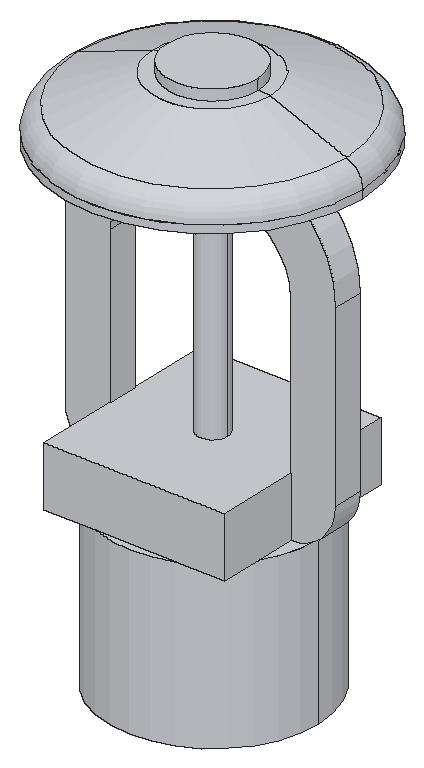
Revit family
Parameters (values of type "RASCO F1FR56-300 UPRIGHT")
  URL = ""
  Temperature Rating = 286 °F
  Response = 1
  RASCO SIN # = "RA2625"
  RASCO Part # = "F1FR56U3B3"
  Pressure Rating = "300 PSI"
  Pressure Class = 1
  Orifice Size = 1/2"
  Orifice = (empty or 0)
  Model = "F1FR56-300"
  Manufacturer = "RASCO"
  K-Factor = 5.6
  Description = "Brz. Finish"
  Coverage = (empty or 0)
Reference planes (in)
  plane 1 "Center (Front/Back)": y = 0
  plane 2: z = 0
  plane 3 "Center (Left/Right)": x = 0
Nested families (in)
  nested 1: "F1FR56U3B3" at (0.04915, 0.01786, 0), type "RASCO F1FR56-300 UPRIGHT"
Connectors (in)
  piping at (0.04915, 0.01786, 0)
    settings: on nested 1, index 1, connector radius 115/256", flow factor 0, pipe flow 0 GPM, pressure drop 0.00 psi, fitting loss kfactor 0, connector angle 0.00°, fixture units 0, flow configuration 0, flow direction 0, fitting loss method 0, system type 7, connector reference index -1, connector utility 0, adjustable connector no, is connector primary yes, fitting loss table "", connector description ""
Definition of nested family "F1FR56U3B3"
  Parameters (values of type "RASCO F1FR56-300 UPRIGHT")
    Type Comments = ""
    Temperature Rating = 0 °F
    Response = (empty or 0)
    Pressure Rating = "0"
    Pressure Class = (empty or 0)
    Orifice Size = 0"
    Orifice = (empty or 0)
    Model = ""
    Manufacturer = ""
    K-Factor = 0
    Description = ""
    Coverage = (empty or 0)
    Assembly Code = ""
  Reference planes (in)
    plane 1 "Center (Front/Back)": y = 0
    plane 2: z = 0
    plane 3 "ref.2": z = 0.6875
    plane 4 "ref.3": z = 0.9375
    plane 5: x = -0.38065
    plane 6: x = 0.36935
    plane 7 "ref. side 1": y = 0.06402
    plane 8 "ref. side 2": y = -0.06098
    plane 9 "ref.4": z = 1.875
    plane 10 "ref.5": z = 2.3125
    plane 11 "ref.6": z = 2.4375
  Forms (in)
    Extrusion 1, solid
      sketch origin (0, 0, 0) x (1, 0, 0) y (0, 1, 0)
        loop
          circle (0, 0) r 0.4375
      from 0 to 0.6875
    Extrusion 2, solid
      sketch origin (-0.12185, 0.05177, 0.6875) x (1, 0, 0) y (0, 1, 0)
        loop
          line (-0.2588, 0.356) -> (-0.2588, -0.4565) -> (0.4912, -0.4565) -> (0.4912, 0.356) -> (-0.2588, 0.356)
      from 0 to 0.25
    Extrusion 3, solid
      sketch origin (0, 0, 0) x (1, 0, 0) y (0, 0, 1)
        loop
          line (-0.38065, 0.68754) -> (-0.38065, 1.58397)
          arc (-0.38065, 1.58397) -> (-0.29541, 1.78976) -> (-0.08962, 1.875) r 0.29103
          line (-0.08962, 1.875) -> (0.07524, 1.875)
          arc (0.07524, 1.875) -> (0.28321, 1.78886) -> (0.36935, 1.58089) r 0.29411
          line (0.36935, 1.58089) -> (0.36935, 0.68751)
          arc (0.36935, 0.68751) -> (0.50207, 0.74393) -> (0.55685, 0.87734) r 0.18984
          line (0.55685, 0.87734) -> (0.55685, 1.61676)
          arc (0.55685, 1.61676) -> (0.42629, 1.93194) -> (0.11111, 2.0625) r 0.44574
          line (0.11111, 2.0625) -> (-0.12259, 2.0625)
          arc (-0.12259, 2.0625) -> (-0.43765, 1.932) -> (-0.56815, 1.61694) r 0.44556
          line (-0.56815, 1.61694) -> (-0.56815, 0.87876)
          arc (-0.56815, 0.87876) -> (-0.51345, 0.74486) -> (-0.38065, 0.68754) r 0.19126
      from -0.06402 to 0.06098
    Extrusion 4, solid
      sketch origin (0, 0, 0.9375) x (-1, 0, 0) y (0, -1, 0)
        loop
          circle (0.00574, -0.00152) r 0.0625
      from 0 to 0.9375
    Extrusion 5, solid
      sketch origin (0, 0, 1.875) x (-1, 0, 0) y (0, -1, 0)
        loop
          circle (0.00574, -0.00152) r 0.1875
      from 0 to 0.4375
    Revolve 6, solid
      sketch origin (0, 0, -0.31276) x (1, 0, 0) y (0, 0, 1)
        loop
          line (-0.19324, 2.33367) -> (-0.19324, 2.58367) -> (-0.24995, 2.58367) -> (-0.56395, 2.46314)
          arc (-0.56395, 2.46314) -> (-0.61243, 2.42492) -> (-0.63074, 2.36595) r 0.1041
          line (-0.63074, 2.36595) -> (-0.63074, 2.33367) -> (-0.19324, 2.33367)
        axis (-0.00574, 2.33367) -> (-0.00574, 2.58367)
      angle from 0 to 360
  Cuts and joins
    joined: Extrusion 1, Extrusion 2, Extrusion 4, Revolve 6
  Lines and regions (in)
    model lines
      curve 1: line (-0.00574, 0.06402, 1.875) -> (-0.00574, -0.06098, 1.875)
